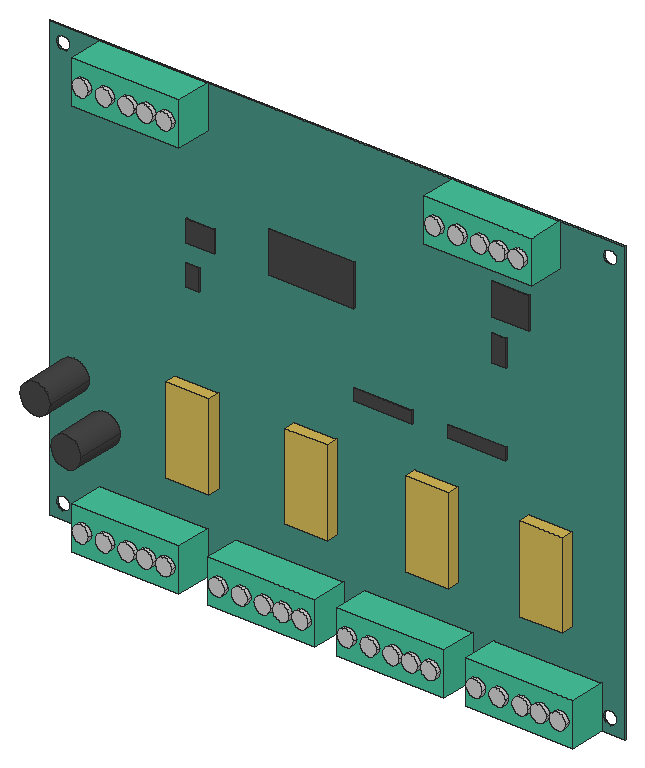
Revit family "TYCO-FPP-Zettler-QMO850 Quad monitored output module", category Electrical Fixtures, Revit 2014
Parameters (values of type "TYCO-FPP-Zettler-QMO850 Quad monitored output module")
  single output point = "Door Control"
  Wire Size = "Min. 0.5 mm2, max. 2.5 mm2"
  Width = 134 mm  # constant formula
  URL = "https://tycosafetyproducts-anz.com/public/Datasheet/120-515-038-MZX-A-QMO850-F-02.pdf"
  Type Comments = "Input-/Output device with Short-\r\nCircuit Isolator for use in fire\r\ndetection and alarm systems in\r\nbuildings"
  Storage Temparature = "40 to +80 oC"
  ST = ST12
  RSS = res
  RS = RS
  PCB = PCB
  Operating Temperature = "-25 to +70 oC"
  Operating Humidity = "Up to 95 %"
  Nominal switching capacity = "2 A 30 VDC"
  Model = "Zettler -555.800.070"
  Max. switching power = "60 W, 125 VA"
  Manufacturer = "Tyco"
  Length = 103 mm  # constant formula
  Keynote = "The Quad Monitored Output Module connects directly\r\nto the MZX Digital loop and requires a 24Vdc or 48Vdc\r\npower supply."
  Device Mode for each = "Sounders"
  Description = "Quad Monitored Output Module (QMO850)"
  Battery Requirements = "Standby current\r\n2.1 mA"
  Approvals = "EN54-17 and EN54-18"
  Alarm current = "6.7 mA"
Reference planes
  plane 1 "Center (Front/Back)": y = 0
  plane 2: z = 0
  plane 3 "Center (Left/Right)": x = 0
  plane 4: z = 51.5
  plane 5: z = -51.5
  plane 6: x = -67
  plane 7: x = 67
Forms (mm)
  Extrusion 1, solid, material "PCB" <- "PCB", detail levels fine
    sketch origin (0, 0, 0) x (1, 0, 0) y (0, 0, 1)
      loop
        line (-67, 51.5) -> (-67, -51.5) -> (67, -51.5) -> (67, 51.5) -> (-67, 51.5)
      loop
        circle (63.688, 48.024) r 1.524
      loop
        circle (63.688, -48.024) r 1.524
      loop
        circle (-63.688, 48.024) r 1.524
      loop
        circle (-63.688, -48.024) r 1.524
    from 0 to -0.202
  Extrusion 2, solid, material "ST12" <- "ST", detail levels fine
    sketch origin (0, 0, 0) x (1, 0, 0) y (0, 0, 1)
      loop
        circle (-54.105, -28.995) r 3.518
      loop
        circle (-61.311, -20.407) r 3.518
    from 0 to 11.235
  Extrusion 3, solid, material "RS" <- "RS", detail levels fine
    sketch origin (0, 0, 0) x (1, 0, 0) y (0, 0, 1)
      loop
        line (-37.627, -32.282) -> (-27.627, -32.282) -> (-27.627, -12.282) -> (-37.627, -12.282) -> (-37.627, -32.282)
      loop
        line (-10, -32.282) -> (0, -32.282) -> (0, -12.282) -> (-10, -12.282) -> (-10, -32.282)
      loop
        line (18.186, -32.282) -> (28.186, -32.282) -> (28.186, -12.282) -> (18.186, -12.282) -> (18.186, -32.282)
      loop
        line (44.729, -32.282) -> (54.729, -32.282) -> (54.729, -12.282) -> (44.729, -12.282) -> (44.729, -32.282)
    from 0 to 2.827
  Extrusion 4, solid, material "ST12" <- "ST", detail levels fine
    sketch origin (0, 0, 0) x (1, 0, 0) y (0, 0, 1)
      loop
        line (-34.99, 21.563) -> (-34.99, 16.563) -> (-28.417, 16.563) -> (-28.417, 21.563) -> (-34.99, 21.563)
      loop
        line (-15.625, 26.182) -> (-15.625, 16.563) -> (4.095, 16.563) -> (4.095, 26.182) -> (-15.625, 26.182)
      loop
        line (4.095, -2.777) -> (17.598, -2.777) -> (17.598, 0) -> (4.095, 0) -> (4.095, -2.777)
      loop
        line (25.948, -2.777) -> (39.45, -2.777) -> (39.45, 0) -> (25.948, 0) -> (25.948, -2.777)
      loop
        line (-34.99, 12.307) -> (-34.99, 7.307) -> (-32.066, 7.307) -> (-32.066, 12.307) -> (-34.99, 12.307)
      loop
        line (36.272, 33.568) -> (36.272, 26.182) -> (44.799, 26.182) -> (44.799, 33.568) -> (36.272, 33.568)
      loop
        line (36.272, 22.704) -> (36.272, 16.563) -> (39.45, 16.563) -> (39.45, 22.704) -> (36.272, 22.704)
    from 0 to 0.208
  Extrusion 5, solid, material "res" <- "RSS", detail levels fine
    sketch origin (0, 0, 0) x (1, 0, 0) y (0, 0, 1)
      loop
        line (-55.155, 51.5) -> (-55.155, 41.5) -> (-30.155, 41.5) -> (-30.155, 51.5) -> (-55.155, 51.5)
      loop
        line (26.905, 51.5) -> (26.905, 41.5) -> (51.905, 41.5) -> (51.905, 51.5) -> (26.905, 51.5)
      loop
        line (-55.155, -41.5) -> (-55.155, -51.5) -> (-30.155, -51.5) -> (-30.155, -41.5) -> (-55.155, -41.5)
      loop
        line (-23.452, -41.5) -> (-23.452, -51.5) -> (1.548, -51.5) -> (1.548, -41.5) -> (-23.452, -41.5)
      loop
        line (6.548, -41.5) -> (6.548, -51.5) -> (31.548, -51.5) -> (31.548, -41.5) -> (6.548, -41.5)
      loop
        line (36.548, -41.5) -> (36.548, -51.5) -> (61.548, -51.5) -> (61.548, -41.5) -> (36.548, -41.5)
    from 0 to 8.284
  Extrusion 6, solid, material "RSS(1)", detail levels fine
    sketch origin (0, -8.284, 0) x (1, 0, 0) y (0, 0, 1)
      loop
        circle (-52.483, -46.482) r 1.889
      loop
        circle (-47.109, -46.482) r 1.889
      loop
        circle (-41.796, -46.482) r 1.889
      loop
        circle (-37.494, -46.482) r 1.889
      loop
        circle (-33.047, -46.482) r 1.889
      loop
        circle (-20.78, -46.482) r 1.889
      loop
        circle (-15.407, -46.482) r 1.889
      loop
        circle (-10.094, -46.482) r 1.889
      loop
        circle (-5.792, -46.482) r 1.889
      loop
        circle (-1.345, -46.482) r 1.889
      loop
        circle (9.22, -46.482) r 1.889
      loop
        circle (14.593, -46.482) r 1.889
      loop
        circle (19.906, -46.482) r 1.889
      loop
        circle (24.208, -46.482) r 1.889
      loop
        circle (28.655, -46.482) r 1.889
      loop
        circle (39.22, -46.482) r 1.889
      loop
        circle (44.593, -46.482) r 1.889
      loop
        circle (49.906, -46.482) r 1.889
      loop
        circle (54.208, -46.482) r 1.889
      loop
        circle (58.655, -46.482) r 1.889
      loop
        circle (29.577, 46.518) r 1.889
      loop
        circle (34.95, 46.518) r 1.889
      loop
        circle (40.263, 46.518) r 1.889
      loop
        circle (44.566, 46.518) r 1.889
      loop
        circle (49.012, 46.518) r 1.889
      loop
        circle (-52.483, 46.518) r 1.889
      loop
        circle (-47.109, 46.518) r 1.889
      loop
        circle (-41.796, 46.518) r 1.889
      loop
        circle (-37.494, 46.518) r 1.889
      loop
        circle (-33.047, 46.518) r 1.889
    from 0 to 0.851
Lines and regions (mm)
  model lines, detail levels coarse+medium
    curve 1: line (-67, 0, 51.5) -> (67, 0, 51.5)
    curve 2: line (-67, 0, -51.5) -> (-67, 0, 51.5)
    curve 3: line (67, 0, -51.5) -> (-67, 0, -51.5)
    curve 4: line (67, 0, 51.5) -> (67, 0, -51.5)
Dimensions and locks
  equal spacing: plane 4, plane 2, plane 5
  "Length": plane 4 to plane 5
  equal spacing: plane 7, plane 3 "Center (Left/Right)", plane 6
  "Width": plane 7 to plane 6
  aligned and locked: level to plane 2
  aligned and locked: Extrusion 1 sketch curve to plane 4
  aligned and locked: plane 6 to Extrusion 1 sketch curve
  aligned and locked: Extrusion 1 sketch curve to plane 5
  aligned and locked: plane 7 to Extrusion 1 sketch curve
  aligned and locked: Extrusion 2 to plane 1 "Center (Front/Back)"
  aligned and locked: Extrusion 3 to plane 1 "Center (Front/Back)"
  aligned and locked: Extrusion 4 to plane 1 "Center (Front/Back)"
  aligned and locked: Extrusion 5 to plane 1 "Center (Front/Back)"
  aligned and locked: Extrusion 6 to Extrusion 5
  aligned and locked: curve 1 to plane 4
  aligned and locked: plane 7 to curve 4
  aligned and locked: curve 3 to plane 5
  aligned and locked: plane 6 to curve 2
Automatic sketch dimensions
  plane 6 to Extrusion 1 sketch curve = 3.312 mm  (x2)
  plane 7 to Extrusion 1 sketch curve = 3.312 mm  (x2)
  Extrusion 1 sketch curve to plane 5 = 3.476 mm  (x2)
  Extrusion 1 sketch curve to plane 4 = 3.476 mm  (x2)
  plane 6 to Extrusion 2 sketch curve = 5.689 mm
  Extrusion 2 sketch curve to Extrusion 2 sketch curve = 7.206 mm
  Extrusion 2 sketch curve to plane 5 = 22.505 mm
  Extrusion 2 sketch curve to Extrusion 2 sketch curve = 8.588 mm
  Extrusion 3 sketch curve to plane 3 "Center (Left/Right)" = 0 mm
  Extrusion 3 sketch curve to Extrusion 3 sketch curve = 10 mm  (x4)
  Extrusion 3 sketch curve to Extrusion 3 sketch curve = 17.627 mm
  plane 3 "Center (Left/Right)" to Extrusion 3 sketch curve = 18.186 mm
  Extrusion 3 sketch curve to Extrusion 3 sketch curve = 16.543 mm
  Extrusion 3 sketch curve to plane 5 = 19.218 mm  (x2)
  Extrusion 3 sketch curve to Extrusion 3 sketch curve = 0 mm  (x2)
  Extrusion 3 sketch curve to level = 12.282 mm  (x4)
  Extrusion 4 sketch curve to level = 0 mm  (x2)
  plane 6 to Extrusion 4 sketch curve = 32.01 mm
  Extrusion 4 sketch curve to Extrusion 4 sketch curve = 0 mm  (x3)
  Extrusion 4 sketch curve to Extrusion 4 sketch curve = 2.925 mm
  Extrusion 4 sketch curve to Extrusion 4 sketch curve = 6.574 mm
  Extrusion 4 sketch curve to Extrusion 4 sketch curve = 12.792 mm
  plane 3 "Center (Left/Right)" to Extrusion 4 sketch curve = 4.095 mm  (x2)
  Extrusion 4 sketch curve to Extrusion 4 sketch curve = 13.502 mm  (x2)
  Extrusion 4 sketch curve to level = 2.777 mm  (x2)
  Extrusion 4 sketch curve to Extrusion 4 sketch curve = 8.35 mm
  Extrusion 4 sketch curve to Extrusion 4 sketch curve = 10.324 mm
  Extrusion 4 sketch curve to Extrusion 4 sketch curve = 3.179 mm
  Extrusion 4 sketch curve to Extrusion 4 sketch curve = 5.349 mm
  level to Extrusion 4 sketch curve = 7.307 mm
  Extrusion 4 sketch curve to Extrusion 4 sketch curve = 5 mm  (x2)
  Extrusion 4 sketch curve to Extrusion 4 sketch curve = 4.256 mm
  Extrusion 4 sketch curve to Extrusion 4 sketch curve = 16.563 mm
  Extrusion 4 sketch curve to Extrusion 4 sketch curve = 6.141 mm
  Extrusion 4 sketch curve to Extrusion 4 sketch curve = 3.478 mm
  Extrusion 4 sketch curve to Extrusion 4 sketch curve = 9.619 mm
  Extrusion 4 sketch curve to Extrusion 4 sketch curve = 7.386 mm
  Extrusion 5 sketch curve to plane 4 = 0 mm  (x2)
  Extrusion 5 sketch curve to plane 5 = 0 mm  (x4)
  plane 6 to Extrusion 5 sketch curve = 11.845 mm  (x2)
  Extrusion 5 sketch curve to Extrusion 5 sketch curve = 25 mm  (x3)
  Extrusion 5 sketch curve to plane 5 = 10 mm  (x2)
  Extrusion 5 sketch curve to Extrusion 5 sketch curve = 6.702 mm
  plane 3 "Center (Left/Right)" to Extrusion 5 sketch curve = 1.548 mm
  Extrusion 5 sketch curve to Extrusion 5 sketch curve = 5 mm  (x2)
  plane 3 "Center (Left/Right)" to Extrusion 5 sketch curve = 26.905 mm
  plane 7 to Extrusion 5 sketch curve = 15.095 mm
  plane 7 to Extrusion 5 sketch curve = 5.452 mm
  Extrusion 5 sketch curve to Extrusion 5 sketch curve = 0 mm  (x2)
  Extrusion 5 sketch curve to plane 4 = 10 mm  (x2)
  Extrusion 6 sketch curve to Extrusion 5 = 2.672 mm  (x5)
  Extrusion 6 sketch curve to Extrusion 6 sketch curve = 5.373 mm  (x5)
  Extrusion 6 sketch curve to Extrusion 6 sketch curve = 5.313 mm  (x4)
  Extrusion 6 sketch curve to Extrusion 6 sketch curve = 4.302 mm  (x4)
  Extrusion 6 sketch curve to Extrusion 5 = 2.892 mm  (x5)
  Extrusion 5 to Extrusion 6 sketch curve = 2.697 mm
  Extrusion 6 sketch curve to Extrusion 5 = 1.75 mm
  Extrusion 6 sketch curve to Extrusion 5 = 1.971 mm
  Extrusion 5 to Extrusion 6 sketch curve = 1.597 mm
  Extrusion 6 sketch curve to Extrusion 5 = 3.716 mm
  Extrusion 6 sketch curve to Extrusion 5 = 1.999 mm
  Extrusion 5 to Extrusion 6 sketch curve = 2.303 mm
  Extrusion 6 sketch curve to Extrusion 5 = 4.982 mm  (x18)
  Extrusion 6 sketch curve to Extrusion 6 sketch curve = 0 mm  (x12)
  radius of Extrusion 1 sketch curve = 1.524 mm  (x4)
  radius of Extrusion 2 sketch curve = 3.518 mm  (x2)
  radius of Extrusion 6 sketch curve = 1.889 mm  (x30)
Connectors
  electrical at (0, 0.202, 0)
    settings: on Extrusion 1, index 1, voltage 24 V, apparent load 0 VA, apparent load phase1 0 VA, apparent load phase2 0 VA, apparent load phase3 0 VA, power factor 1, load classification "Other", number of poles 1, system type 31, power factor state 1, is connector primary yes, connector utility no, sub classification motor no, connector description ""
